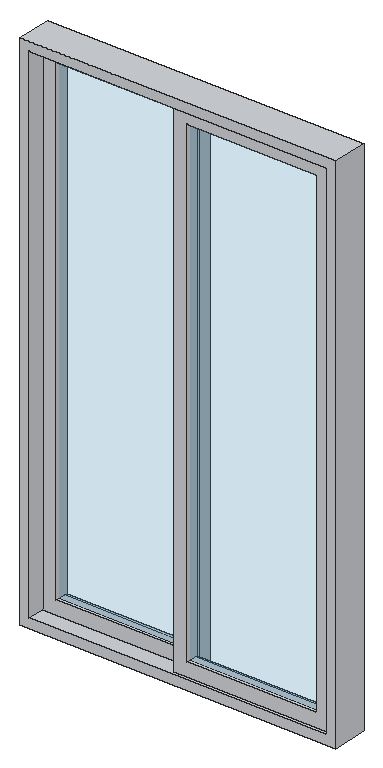
Revit family "Window_Slider", category Windows, Revit 2019
Family settings
  Work Plane-Based = No
  Always vertical = Yes
  Cut with Voids When Loaded = No
  Shared = Yes
  Room Calculation Point = No
Parameters (values of type "Slider")
  Width [instance] = 3' - 0"
  WS - Window Type / Symbol = "S-1"
  WS - Width [instance] = Width  # 3' - 0"
  WS - Tempered Glass = ""
  WS - Style = ""
  WS - Smoke & Draft = ""
  WS - Remarks = ""
  WS - Height [instance] = Height  # 5' - 0"
  WS - Frame = ""
  WS - Fire Rating = ""
  WS - Finish = ""
  Number Of Lites Wide [instance] = 1
  Number Of Lites High [instance] = 1
  Inner Frame Width = 0' - 1 1/2"
  Inner Frame Depth = 0' - 1 1/2"
  Height [instance] = 5' - 0"
  Glazing Material [instance] = none
  Glazing Height [instance] = Height - (Frame Width * 2 + Inner Frame Depth * 2)  # 4' - 7"
  Glass Thickness = 0' - 0 3/4"
  Front Glazing Width [instance] = Width / 2 - 0' 0 5/8" - (Inner Frame Width + Frame Width)  # 1' - 2 7/8"
  Frame Width = 0' - 1"
  Frame Material [instance] = none
  Depth = 0' - 4"
  Back Glazing Width [instance] = Width / 2 - 0' 0 5/8" - (Inner Frame Width + Frame Width)  # 1' - 2 7/8"
  Analytic Construction = "<None>"
Reference planes (in)
  plane 1 "Center (Front/Back)": y = 0
  plane 2: z = 0
  plane 3 "Center (Left/Right)": x = 0
  plane 4: x = -18
  plane 5: y = 2
  plane 6: y = -2
  plane 7: x = -17
  plane 8: x = -15.5
  plane 9: x = -0.875
  plane 10: x = 18
  plane 11: x = 17
  plane 12: x = 15.5
  plane 13: x = 0.875
  plane 14: y = 0.75
  plane 15: y = 1.125
  plane 16: y = 0.375
  plane 17: y = -0.75
  plane 18: y = -1.125
  plane 19: y = -0.375
  plane 20: y = 1.5
  plane 21: y = -1.5
  plane 22: z = 60
  plane 23: z = 59
  plane 24: z = 57.5
  plane 25: z = 1
  plane 26: z = 2.5
  plane 27: x = -0.625
  plane 28: x = 0.80305
  plane 29: x = 0.625
  plane 30: x = -0.625
  plane 31: x = 0.625
  plane 32: x = 8.0625
  plane 33: x = -8.0625
  plane 34: z = 30
Forms (in)
  Sweep 1, solid, material <- "Frame Material"
    path origin (0, 0, 0) x (1, 0, 0) y (0, 0, 1)
      loop
        line (-18, 60) -> (-18, 0) -> (18, 0) -> (18, 60) -> (-18, 60)
    profile origin (-18, 0, 30) x (0, -1, 0) y (1, 0, 0)
      loop
        line (-2, 0) -> (2, 0) -> (2, 1) -> (-2, 1) -> (-2, 0)
  Sweep 2, solid, material <- "Frame Material"
    path origin (0, 0, 0) x (1, 0, 0) y (0, 0, 1)
      loop
        line (-17, 59) -> (-17, 1) -> (0.875, 1) -> (0.875, 59) -> (-17, 59)
    profile origin (-17, 0, 30) x (0, -1, 0) y (1, 0, 0)
      loop
        line (-1.5, 1.5) -> (-1.5, 0) -> (0, 0) -> (0, 1.5) -> (-1.5, 1.5)
  Sweep 3, solid, material <- "Frame Material"
    path origin (0, 0, 0) x (1, 0, 0) y (0, 0, 1)
      loop
        line (-0.875, 59) -> (-0.875, 1) -> (17, 1) -> (17, 59) -> (-0.875, 59)
    profile origin (17, 0, 30) x (0, -1, 0) y (1, 0, 0)
      loop
        line (1.5, -1.5) -> (1.5, 0) -> (0, 0) -> (0, -1.5) -> (1.5, -1.5)
  Extrusion 4, solid, material <- "Glazing Material"
    sketch origin (0, 0, 0) x (1, 0, 0) y (0, 1, 0)
      loop
        line (-15.5, 1.125) -> (-15.5, 0.375) -> (-0.625, 0.375) -> (-0.625, 1.125) -> (-15.5, 1.125)
    from 2.5 to 57.5
  Extrusion 5, solid, material <- "Glazing Material"
    sketch origin (0, 0, 0) x (1, 0, 0) y (0, 1, 0)
      loop
        line (0.625, -0.375) -> (0.625, -1.125) -> (15.5, -1.125) -> (15.5, -0.375) -> (0.625, -0.375)
    from 2.5 to 57.5
Lines and regions (in)
  symbolic lines, style "WindowsFrameMullionProjection"
    curve 1: line (-18, 2, 0) -> (-18, -2, 0)
    curve 2: line (-18, 2, 0) -> (-17, 2, 0)
    curve 3: line (-17, 2, 0) -> (-17, 1.5, 0)
    curve 4: line (-17, 1.5, 0) -> (-15.5, 1.5, 0)
    curve 5: line (-15.5, 1.5, 0) -> (-15.5, 0, 0)
    curve 6: line (-15.5, 0, 0) -> (-17, 0, 0)
    curve 7: line (-18, -2, 0) -> (-17, -2, 0)
    curve 8: line (-17, 0, 0) -> (-17, -2, 0)
    curve 9: line (-17, 1.5, 0) -> (-17, 0, 0)
    curve 10: line (18, 2, 0) -> (18, -2, 0)
    curve 11: line (17, 2, 0) -> (17, 0, 0)
    curve 12: line (17, 2, 0) -> (18, 2, 0)
    curve 13: line (17, -2, 0) -> (18, -2, 0)
    curve 14: line (15.5, 0, 0) -> (15.5, -1.5, 0)
    curve 15: line (17, 0, 0) -> (15.5, 0, 0)
    curve 16: line (15.5, -1.5, 0) -> (17, -1.5, 0)
    curve 17: line (17, 0, 0) -> (17, -1.5, 0)
    curve 18: line (17, -1.5, 0) -> (17, -2, 0)
    curve 19: line (-0.625, 1.5, 0) -> (0.875, 1.5, 0)
    curve 20: line (-0.875, -1.5, 0) -> (0.625, -1.5, 0)
    curve 21: line (-0.875, 0, 0) -> (-0.875, -1.5, 0)
    curve 22: line (0.625, 0, 0) -> (0.625, -1.5, 0)
    curve 23: line (-0.625, 1.5, 0) -> (-0.625, 0, 0)
    curve 24: line (0.875, 1.5, 0) -> (0.875, 0, 0)
    curve 25: line (0.875, 0, 0) -> (-0.875, 0, 0)
    curve 30: line (-11.84582, 0, 5.95117) -> (-4.97082, 0, 5.95117)
    curve 31: line (-4.97082, 0, 5.95117) -> (-6.03148, 0, 7.01183)
    curve 32: line (-4.97082, 0, 5.95117) -> (-6.03148, 0, 4.89051)
  symbolic lines, style "Windows"
    curve 26: line (-15.5, 0.75, 0) -> (-0.625, 0.75, 0)
    curve 27: line (0.625, -0.75, 0) -> (15.5, -0.75, 0)
  symbolic lines, style "WindowsSillHeadProjection"
    curve 28: line (-17, 2, 0) -> (17, 2, 0)
    curve 29: line (-17, -2, 0) -> (17, -2, 0)
Dimensions and locks (in)
  "Depth": plane 5 to plane 6
  equal spacing: plane 5, plane 1 "Center (Front/Back)", plane 6
  "Frame Width": plane 4 to plane 7
  "Frame Width": plane 11 to plane 10
  "Inner Frame Width": plane 7 to plane 8
  "Inner Frame Width": plane 12 to plane 11
  locked: plane 9 to plane 13 at 1.75
  equal spacing: plane 4, plane 3 "Center (Left/Right)", plane 10
  "Width": plane 4 to plane 10
  "Inner Frame Depth": plane 1 "Center (Front/Back)" to plane 20
  "Inner Frame Depth": plane 21 to plane 1 "Center (Front/Back)"
  equal spacing: plane 20, plane 14, plane 1 "Center (Front/Back)"
  "Glass Thickness": plane 15 to plane 16
  equal spacing: plane 15, plane 14, plane 16
  equal spacing: plane 18, plane 17, plane 19
  "Glass Thickness": plane 18 to plane 19
  equal spacing: plane 1 "Center (Front/Back)", plane 17, plane 21
  "Frame Width": plane 25 to level
  "Frame Width": plane 22 to plane 23
  "Height": plane 22 to level
  "Inner Frame Width": plane 23 to plane 24
  "Inner Frame Width": plane 26 to plane 25
  plane 27 to plane 13 = 0' - 1 1/2"
  plane 9 to plane 29 = 0' - 1 1/2"
  equal spacing: plane 31, plane 32, plane 12
  equal spacing: plane 8, plane 33, plane 30
  equal spacing: plane 24, plane 34, plane 26
  "Inner Frame Width": plane 30 to plane 13
  "Inner Frame Width": plane 9 to plane 31
  aligned and locked: plane 2 to level
  aligned and locked: Sweep 1 sketch curve to plane 4
  aligned and locked: Sweep 1 sketch curve to plane 22
  aligned and locked: Sweep 1 sketch curve to level
  aligned and locked: plane 10 to Sweep 1 sketch curve
  aligned and locked: Sweep 1 sketch curve to plane 7
  aligned and locked: plane 6 to Sweep 1 sketch curve
  aligned and locked: Sweep 1 sketch curve to plane 5
  aligned and locked: Sweep 2 sketch curve to plane 7  (x2)
  aligned and locked: Sweep 2 sketch curve to plane 23
  aligned and locked: Sweep 2 sketch curve to plane 25
  aligned and locked: plane 13 to Sweep 2 sketch curve
  aligned and locked: plane 1 "Center (Front/Back)" to Sweep 2 sketch curve
  aligned and locked: plane 8 to Sweep 2 sketch curve
  aligned and locked: plane 20 to Sweep 2 sketch curve
  aligned and locked: Sweep 3 sketch curve to plane 23
  aligned and locked: Sweep 3 sketch curve to plane 9
  aligned and locked: plane 11 to Sweep 3 sketch curve
  aligned and locked: Sweep 3 sketch curve to plane 25
  aligned and locked: plane 8 to Extrusion 4 sketch curve
  aligned and locked: Extrusion 4 sketch curve to plane 15
  aligned and locked: Extrusion 4 sketch curve to plane 16
  aligned and locked: plane 24 to Extrusion 4
  aligned and locked: Extrusion 4 to plane 26
  aligned and locked: plane 12 to Extrusion 5 sketch curve
  aligned and locked: Extrusion 5 sketch curve to plane 19
  aligned and locked: Extrusion 5 sketch curve to plane 18
  aligned and locked: plane 24 to Extrusion 5
  aligned and locked: Extrusion 4 sketch curve to plane 27
  aligned and locked: Extrusion 5 to plane 26
  aligned and locked: curve 19 to plane 20
  aligned and locked: curve 20 to plane 21
  aligned and locked: curve 21 to plane 9
  aligned and locked: curve 22 to plane 31
  aligned and locked: curve 23 to plane 30
  aligned and locked: plane 13 to curve 24
  aligned and locked: curve 25 to plane 1 "Center (Front/Back)"
  aligned and locked: curve 26 to plane 14
  aligned and locked: plane 8 to curve 26
  aligned and locked: plane 30 to curve 26
  aligned and locked: plane 17 to curve 27
  aligned and locked: plane 31 to curve 27
  aligned and locked: plane 12 to curve 27
  aligned and locked: plane 7 to curve 28
  aligned and locked: plane 11 to curve 28
  aligned and locked: plane 11 to curve 29
  aligned and locked: plane 7 to curve 29
  aligned and locked: curve 28 to plane 5
  aligned and locked: curve 29 to plane 6
  aligned and locked: plane 32 to nested 2
  aligned and locked: plane 17 to nested 2
  aligned and locked: plane 33 to nested 1
  aligned and locked: nested 1 to plane 14
  aligned and locked: plane 34 to nested 2
  aligned and locked: plane 34 to nested 1
  aligned and locked: plane 12 to Sweep 3 sketch curve
  aligned and locked: Sweep 3 sketch curve to plane 21
Automatic sketch dimensions
  profile plane to Sweep 1 sketch curve = 0' - 0"
  Sweep 3 sketch curve to profile plane = 0' - 0"
  Sweep 3 sketch curve to plane 1 "Center (Front/Back)" = 0' - 0"
  plane 3 "Center (Left/Right)" to Extrusion 5 sketch curve = 0' - 0 5/8"
  curve 1 to plane 4 = 0' - 0"
  curve 13 to plane 10 = 0' - 0"
  curve 16 to plane 21 = 0' - 0"
  plane 1 "Center (Front/Back)" to curve 11 = 0' - 0"
  plane 1 "Center (Front/Back)" to curve 6 = 0' - 0"
  curve 3 to plane 20 = 0' - 0"
  curve 32 to plane 9 = 0' - 4.09582"
  plane 26 to curve 31 = 0' - 3.45117"
  plane 26 to curve 32 = 0' - 2.39051"
  curve 32 to curve 32 = 0' - 1.06066"
  plane 26 to curve 31 = 0' - 4.51183"
  plane 8 to curve 30 = 0' - 3.65418"
Nested families (in)
  nested 1: "Mullion Assembly" at (-8.0625, 0.75, 2.5), Width <- "Front Glazing Width", Height <- "Glazing Height", Mullion Material <- "Frame Material", Number Of Lites Wide <- "Number Of Lites Wide", Number Of Lites High <- "Number Of Lites High", type "Mullion Assembly"
    with Width 1' - 2 7/8", Vertical Mullions 2, Vertical Mullion Visible no, Vertical Mullion Array Location 0' - 7 7/16", Number Of Vertical Mullions 0, Number Of Lites Wide 1, Number Of Lites High 1, Number Of Horizontal Mullions 0, Mullion Material none, Horizontal Mullions 2, Horizontal Mullion Visible no, Horizontal Mullion Array Location 2' - 3 1/2", Height 4' - 7"
  nested 2: "Mullion Assembly" at (8.0625, -0.75, 2.5), Width <- "Back Glazing Width", Height <- "Glazing Height", Mullion Material <- "Frame Material", Number Of Lites Wide <- "Number Of Lites Wide", Number Of Lites High <- "Number Of Lites High", type "Mullion Assembly"
    with Width 1' - 2 7/8", Vertical Mullions 2, Vertical Mullion Visible no, Vertical Mullion Array Location 0' - 7 7/16", Number Of Vertical Mullions 0, Number Of Lites Wide 1, Number Of Lites High 1, Number Of Horizontal Mullions 0, Mullion Material none, Horizontal Mullions 2, Horizontal Mullion Visible no, Horizontal Mullion Array Location 2' - 3 1/2", Height 4' - 7"
Definition of nested family "Mullion Assembly"
  Parameters (values of type "Mullion Assembly")
    Width [instance] = 4' - 0"
    Vertical Mullions [instance] = if(Number Of Vertical Mullions < 1.5, 2, Number Of Vertical Mullions)  # 2
    Vertical Mullion Visible [instance] = Number Of Lites Wide > 1.5  # no
    Vertical Mullion Array Location [instance] = if(Number Of Vertical Mullions < 1.5, (Width / 2), if(Number Of Vertical Mullions > 1.5, (Width / (Vertical Mullions + 1)), (Width / 2)))  # 2' - 0"
    Number Of Vertical Mullions [instance] = Number Of Lites High - 1  # -1
    Number Of Lites Wide [instance] = 0
    Number Of Lites High [instance] = 0
    Number Of Horizontal Mullions [instance] = Number Of Lites Wide - 1  # -1
    Mullion Width = 0' - 1"
    Mullion Material [instance] = none
    Mullion Height = 0' - 0 3/4"
    Horizontal Mullions [instance] = if(Number Of Horizontal Mullions < 1.5, 2, Number Of Horizontal Mullions)  # 2
    Horizontal Mullion Visible [instance] = Number Of Lites High > 1.5  # no
    Horizontal Mullion Array Location [instance] = if(Number Of Horizontal Mullions < 1.5, (Height / 2), if(Number Of Horizontal Mullions > 1.5, (Height / (Horizontal Mullions + 1)), (Height / 2)))  # 2' - 0"
    Height [instance] = 4' - 0"
    Analytic Construction = "<None>"
  Reference planes (in)
    plane 1 "Center (Front/Back)": y = 0
    plane 2: z = 0
    plane 3 "Center (Left/Right)": x = 0
    plane 4: z = 48
    plane 5: x = 24
    plane 6: x = -24
    plane 7: x = 0
    plane 8: x = 0
    plane 9: z = 24
    plane 10: z = 24
    plane 11: z = 24
    plane 12: x = 0
    plane 13: z = 24
    plane 14: z = 24
    plane 15: x = 0
  Forms (in)
    Sweep 1, solid, material <- "Mullion Material", visible <- "Vertical Mullion Visible"
      path origin (17.06152, 0, -15.28174) x (1, 0, 0) y (0, 0, 1)
        loop
          line (-17.06152, 63.28174) -> (-17.06152, 15.28174)
      profile "Profile - Mullion : Profile - Mullion" origin (0, 0, 24) x (1, 0, 0) y (0, -1, 0)
        loop
          line (-0.5, 0.375) -> (-0.5, -0.375) -> (0.5, -0.375) -> (0.5, 0.375) -> (-0.5, 0.375)
    Sweep 2, solid, material <- "Mullion Material", visible <- "Horizontal Mullion Visible"
      path origin (20.44465, 0, -15.26328) x (1, 0, 0) y (0, 0, 1)
        loop
          line (-44.44465, 39.26328) -> (3.55535, 39.26328)
      profile "Profile - Mullion : Profile - Mullion" origin (0, 0, 24) x (0, 0, 1) y (0, -1, 0)
        loop
          line (-0.5, 0.375) -> (-0.5, -0.375) -> (0.5, -0.375) -> (0.5, 0.375) -> (-0.5, 0.375)
    Sweep 3, solid, material <- "Mullion Material", visible <- "Horizontal Mullion Visible"
      path origin (20.44465, 0, -15.26328) x (1, 0, 0) y (0, 0, 1)
        loop
          line (-44.44465, 39.26328) -> (3.55535, 39.26328)
      profile "Profile - Mullion : Profile - Mullion" origin (0, 0, 24) x (0, 0, 1) y (0, -1, 0)
        loop
          line (-0.5, 0.375) -> (-0.5, -0.375) -> (0.5, -0.375) -> (0.5, 0.375) -> (-0.5, 0.375)
    Sweep 4, solid, material <- "Mullion Material", visible <- "Vertical Mullion Visible"
      path origin (17.06152, 0, -15.28174) x (1, 0, 0) y (0, 0, 1)
        loop
          line (-17.06152, 63.28174) -> (-17.06152, 15.28174)
      profile "Profile - Mullion : Profile - Mullion" origin (0, 0, 24) x (1, 0, 0) y (0, -1, 0)
        loop
          line (-0.5, 0.375) -> (-0.5, -0.375) -> (0.5, -0.375) -> (0.5, 0.375) -> (-0.5, 0.375)
  Dimensions and locks (in)
    "Width": plane 5 to plane 6
    "Height": plane 4 to level
    equal spacing: plane 4, plane 11, level
    equal spacing: plane 5, plane 3 "Center (Left/Right)", plane 6
    "Vertical Mullion Array Location": plane 7 to plane 6
    "Vertical Mullion Array Location": plane 5 to plane 8
    "Horizontal Mullion Array Location": plane 4 to plane 9
    "Horizontal Mullion Array Location": plane 10 to level
    locked: plane 7 to plane 12 at 0
    locked: plane 9 to plane 13 at 0
    "Height": Sweep 1 sketch curve to Sweep 1 sketch curve
    "Width": Sweep 2 sketch curve to Sweep 2 sketch curve
    "Width": Sweep 3 sketch curve to Sweep 3 sketch curve
    group 1 to group 2 = 0' - 0"  (x3)
    locked: plane 10 to plane 14 at 0
    "Height": Sweep 4 sketch curve to Sweep 4 sketch curve
    group 3 to group 4 = 0' - 0"  (x3)
    locked: plane 8 to plane 15 at 0
    aligned and locked: plane 2 to level
    aligned and locked: Sweep 2 sketch curve to plane 13
    aligned and locked: Sweep 1 to plane 4
    aligned and locked: plane 6 to Sweep 2
    aligned and locked: Sweep 3 sketch curve to plane 14
    aligned and locked: Sweep 4 to plane 4
    aligned and locked: plane 5 to Sweep 3
  Automatic sketch dimensions
    plane 12 to Sweep 1 sketch curve = 0' - 0"
    plane 15 to Sweep 4 sketch curve = 0' - 0"
